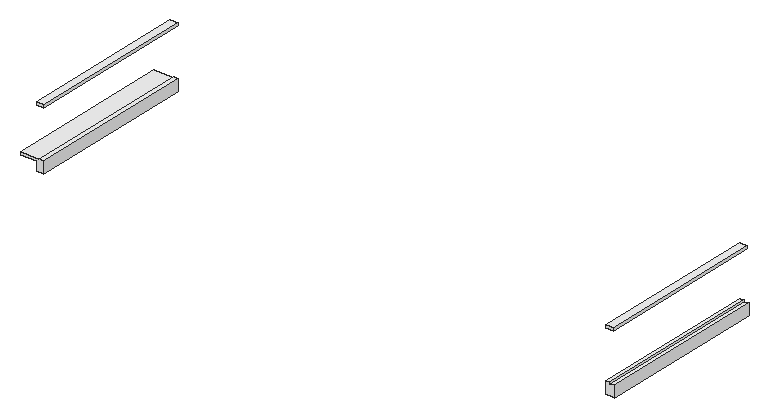
Revit family "CT_Bloco_B_Perfil", category Structural Framing, Revit 2025
Family settings
  Display in Hidden Views = Edges Hidden by Other Members
  Structural Framing Length Roundoff = 0.000 m
  Section Shape = Not Defined
  Material for Model Behavior = Concrete
  Always export as geometry = No
  Work Plane-Based = No
  Always vertical = Yes
  Cut with Voids When Loaded = Yes
  Symbolic Representation = From Family
  Shared = No
  Show family pre-cut in plan views = Yes
Parameters
  Structural Material [instance] = CT_Concreto
  Material_Viga_Janela [instance] = CT_Concreto
  Comprimento [instance] = 7.500 m
Reference planes (m)
  plane 1 "Centro (Frente/Trás)": y = 0
  plane 2: z = 0
  plane 3 "Centro (Esquerda/Direita)": x = 0
  plane 4: x = -15.9999
  plane 5: x = 9.1749
  plane 6: x = -5.2749
  plane 7: x = -2.2249
  plane 8: z = 4.76
  plane 9: z = 9.16
Forms (m)
  Extrusion 1, solid, material "CT_Concreto" <- "Structural Material"
    sketch origin (0, 0, 0.06) x (1, 0, 0) y (0, 0, 1)
      loop
        line (-15.9999, 4.7) -> (-16.1999, 4.7) -> (-16.1999, 4.65) -> (-17.0749, 4.65) -> (-17.0749, 4.55) -> (-16.3499, 4.55) -> (-16.3499, 4.19) -> (-16.3499, 4.15) -> (-15.9999, 4.15) -> (-15.9999, 4.7)
      loop
        line (9.5749, 4.15) -> (9.5749, 4.65) -> (9.3749, 4.65) -> (9.3749, 4.7) -> (9.1749, 4.7) -> (9.1749, 4.15) -> (9.5749, 4.15)
    from 0 to 7.5
  Extrusion 2, solid, material "CT_Concreto" <- "Material_Viga_Janela"
    sketch origin (0, 0, 0.06) x (1, 0, 0) y (0, 0, 1)
      loop
        line (-15.9999, 6.92) -> (-16.3499, 6.92) -> (-16.3499, 6.82) -> (-15.9999, 6.82) -> (-15.9999, 6.92)
      loop
        line (9.5249, 6.92) -> (9.1749, 6.92) -> (9.1749, 6.82) -> (9.5249, 6.82) -> (9.5249, 6.92)
    from 0 to 7.5
Dimensions and locks (m)
  "Comprimento": Extrusion 1 to Extrusion 1
  locked: plane 5 to plane 4 at 25.1748
  locked: plane 8 to level at 4.76
  locked: plane 9 to plane 8 at 4.4
  aligned and locked: level to plane 2
  aligned and locked: Extrusion 2 to Extrusion 1  (x3)
  aligned and locked: Extrusion 1 to Extrusion 2
Automatic sketch dimensions
  level to Extrusion 1 sketch curve = 4.610 m
  Extrusion 1 sketch curve to plane 3 "Centro (Esquerda/Direita)" = 17.0749 m
  Extrusion 1 sketch curve to Extrusion 1 sketch curve = 0.725 m
  Extrusion 1 sketch curve to Extrusion 1 sketch curve = 0.150 m
  Extrusion 1 sketch curve to Extrusion 1 sketch curve = 0.200 m  (x2)
  plane 3 "Centro (Esquerda/Direita)" to Extrusion 1 sketch curve = 9.1749 m
  Extrusion 1 sketch curve to Extrusion 1 sketch curve = 0.400 m
  Extrusion 1 sketch curve to Extrusion 1 sketch curve = 0.360 m
  level to Extrusion 1 sketch curve = 4.210 m
  Extrusion 1 sketch curve to Extrusion 1 sketch curve = 0.040 m
  Extrusion 1 sketch curve to Extrusion 1 sketch curve = 0.100 m
  Extrusion 1 sketch curve to Extrusion 1 sketch curve = 0.500 m
  Extrusion 1 sketch curve to Extrusion 1 sketch curve = 0.050 m  (x2)
  Extrusion 2 sketch curve to Extrusion 2 sketch curve = 0.350 m  (x2)
  Extrusion 2 sketch curve to Extrusion 2 sketch curve = 0.100 m  (x2)
  level to Extrusion 2 sketch curve = 6.980 m
  Extrusion 2 sketch curve to plane 3 "Centro (Esquerda/Direita)" = 15.9999 m
  plane 3 "Centro (Esquerda/Direita)" to Extrusion 2 sketch curve = 9.1749 m
  level to Extrusion 2 sketch curve = 6.880 m
